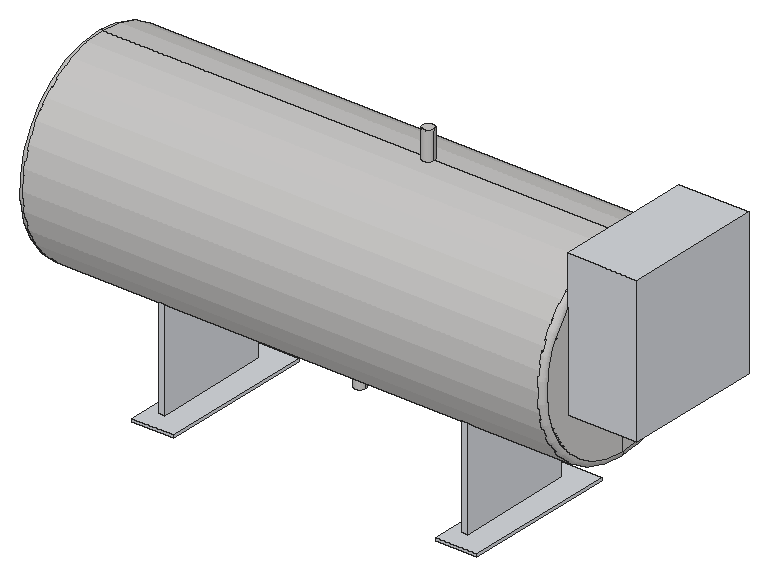
Revit family
Parameters (values of type "KS 100")
  URL = "http://www.autospec.co.za/browse.php?id=318767816"
  Radius Of Heater = Height / 2  # 360 mm
  Product Code = "KS 100"
  Outlet Pipe Radius = Outlet Pipe Diameter / 2  # 20 mm
  Outlet Pipe Diameter = 40 mm
  Inlet Pipe Diameter = 40 mm
  Operating Pressure = 600.0 kPa
  OmniClass Title = ""
  OmniClass Number = ""
  Modspec Classification = ""
  Specification = ""
  Material = Galvanised Steel
  Mass (Kg) = "125"
  Location (revit room) = ""
  Model = "Bulk Hot Water Tanks Horizontal KS-100"
  Manufacturer = "Kwikot"  # constant formula
  Length = 1890 mm
  Inlet Pipe Radius = Inlet Pipe Diameter / 2  # 20 mm
  Height = 720 mm
  Electrical Load = "6"
  Colour = none
  Capacity (liters) = 500.00 m³
  Body Finish = none
  Base Support = Radius Of Heater - 150 mm  # 210 mm
  Assembly Code = "D3040400"
Types (18, lengths in mm): name | Radius Of Heater | Product Code | Outlet Pipe Radius | Outlet Pipe Diameter | Inlet Pipe Diameter | Mass (Kg) | Model | Length | Inlet Pipe Radius | Height | Electrical Load | Capacity (liters) | Base Support
  (no name) | 360 | "KS 100" | 20 | 40 | 40 | "125" | "Bulk Hot Water Tanks Horizontal KS-100" | 1890 | 20 | 720 | "6" | 500.00 m³ | 210
  KS 100 | 360 | "KS 100" | 20 | 40 | 40 | "125" | "Bulk Hot Water Tanks Horizontal KS-100" | 1890 | 20 | 720 | "6" | 500.00 m³ | 210
  KS 125 | 450 | "KS 125" | 20 | 40 | 40 | "150" | "Bulk Hot Water Tanks Horizontal KS-125" | 1672 | 20 | 900 | "6" | 600.00 m³ | 300
  KS 150 | 450 | "KS 150" | 20 | 40 | 40 | "170" | "Bulk Hot Water Tanks Horizontal KS-150" | 1890 | 20 | 900 | "9" | 700.00 m³ | 300
  KS 200 | 582.5 | "KS 200" | 25 | 50 | 50 | "260" | "Bulk Hot Water Tanks Horizontal KS-200" | 1685 | 25 | 1165 | "12" | 1000.00 m³ | 432.5
  KS 250 | 582.5 | "KS 250" | 25 | 50 | 50 | "280" | "Bulk Hot Water Tanks Horizontal KS-250" | 2005 | 25 | 1165 | "12" | 1200.00 m³ | 432.5
  KS 300 | 582.5 | "KS 300" | 25 | 50 | 50 | "320" | "Bulk Hot Water Tanks Horizontal KS-300" | 2334 | 25 | 1165 | "18" | 1400.00 m³ | 432.5
  KS 350 | 635 | "KS 350" | 25 | 50 | 50 | "360" | "Bulk Hot Water Tanks Horizontal KS-350" | 2130 | 25 | 1270 | "18" | 1600.00 m³ | 485
  KS 400 | 635 | "KS 400" | 25 | 50 | 50 | "400" | "Bulk Hot Water Tanks Horizontal KS-400" | 2381 | 25 | 1270 | "24" | 1800.00 m³ | 485
  KS 450 | 635 | "KS 450" | 25 | 50 | 50 | "450" | "Bulk Hot Water Tanks Horizontal KS-450" | 2400 | 25 | 1270 | "24" | 2000.00 m³ | 485
  KS 500 | 710 | "KS 500" | 25 | 50 | 50 | "490" | "Bulk Hot Water Tanks Horizontal KS-500" | 2370 | 25 | 1420 | "24" | 2300.00 m³ | 560
  KS 600 | 710 | "KS 600" | 25 | 50 | 50 | "650" | "Bulk Hot Water Tanks Horizontal KS-600" | 2650 | 25 | 1420 | "27" | 2700.00 m³ | 560
  KS 700 | 800 | "KS 700" | 25 | 50 | 50 | "760" | "Bulk Hot Water Tanks Horizontal KS-700" | 2681 | 25 | 1600 | "36" | 3200.00 m³ | 650
  KS 800 | 800 | "KS 800" | 25 | 50 | 50 | "820" | "Bulk Hot Water Tanks Horizontal KS-800" | 2961 | 25 | 1600 | "48" | 3600.00 m³ | 650
  KS 900 | 840 | "KS 900" | 25 | 50 | 50 | "880" | "Bulk Hot Water Tanks Horizontal KS-900" | 2877 | 25 | 1680 | "48" | 4000.00 m³ | 690
  KS 1000 | 840 | "KS 1000" | 25 | 50 | 50 | "950" | "Bulk Hot Water Tanks Horizontal KS-1000" | 3110 | 25 | 1680 | "60" | 4600.00 m³ | 690
  KS 1500 | 978 | "KS 1500" | 25 | 50 | 50 | "1600" | "Bulk Hot Water Tanks Horizontal KS-1500" | 3592 | 25 | 1956 | "72" | 6800.00 m³ | 828
  KS 2000 | 978 | "KS 2000" | 25 | 50 | 50 | "1800" | "Bulk Hot Water Tanks Horizontal KS-2000" | 3533 | 25 | 1956 | "84" | 10000.00 m³ | 828
Reference planes
  plane 1 "Center (Front/Back)": y = 0
  plane 2: z = 0
  plane 3 "Center (Left/Right)": x = 0
  plane 4 "Top": z = 1020
  plane 5: x = 1890
  plane 6: z = 660
  plane 7: z = 300
  plane 8: x = 1490
  plane 9: x = 400
  plane 10: y = 360
Forms (mm)
  Revolve 1, solid, material "Galvanised Steel" <- "Material"
    sketch origin (0, 0, 0) x (1, 0, 0) y (0, 0, 1)
      loop
        line (0, 660) -> (0, 320)
        arc (0, 320) -> (5.858, 305.858) -> (20, 300) r 20
        line (20, 300) -> (1870, 300)
        arc (1870, 300) -> (1884.142, 305.858) -> (1890, 320) r 20
        line (1890, 320) -> (1890, 660) -> (0, 660)
      axis (0, 660) -> (1890, 660)
    angle from 0 to 360
  Extrusion 2, solid
    sketch origin (0, 0, 0) x (1, 0, 0) y (0, 1, 0)
      loop
        line (1440, 280) -> (1440, -280) -> (1590, -280) -> (1590, 280) -> (1440, 280)
      loop
        line (500, 280) -> (350, 280) -> (350, -280) -> (500, -280) -> (500, 280)
    from 0 to 10
  Extrusion 3, solid
    sketch origin (1890, -288.244, 1200) x (0, -1, 0) y (0, 0, 1)
      loop
        line (-538.244, -650.528) -> (-38.244, -650.528) -> (-38.244, -130) -> (-538.244, -130) -> (-538.244, -650.528)
    from 0 to -250
  Extrusion 4, solid, material "Galvanised Steel"
    sketch origin (-674.665, -1524, 660) x (-1, 0, 0) y (0, -1, 0)
      loop
        circle (-1864.665, -1524) r 20
    from 360 to 460
  Extrusion 5, solid, material "Galvanised Steel"
    sketch origin (-674.665, -1524, 660) x (-1, 0, 0) y (0, -1, 0)
      loop
        circle (-1619.665, -1524) r 20
    from -360 to -460
  Extrusion 6, solid
    sketch origin (1490, -1524, -304.8) x (0, 0, -1) y (0, -1, 0)
      loop
        line (-314.8, -1314) -> (-672.396, -1314)
        arc (-672.396, -1314) -> (-604.8, -1524) -> (-672.396, -1734) r 360
        line (-672.396, -1734) -> (-314.8, -1734) -> (-314.8, -1314)
    from -10 to 10
  Extrusion 7, solid
    sketch origin (400, -1524, 2213.775) x (0, 0, 1) y (0, -1, 0)
      loop
        arc (-1846.179, -1734) -> (-1913.775, -1524) -> (-1846.179, -1314) r 360
        line (-1846.179, -1314) -> (-2203.775, -1314) -> (-2203.775, -1734) -> (-1846.179, -1734)
    from -10 to 10
Lines and regions (mm)
  symbolic lines
    curve 1: line (1890, 229.735, 1020) -> (2140, 229.735, 1020)
    curve 2: line (2140, 229.735, 1020) -> (2140, -230.018, 1020)
    curve 3: line (1890, -230.018, 1020) -> (2140, -230.018, 1020)
    curve 8: line (1890, -340, 1020) -> (1890, 340, 1020)
    curve 9: line (0, 340, 1020) -> (0, -340, 1020)
    curve 10: line (20, 360, 1020) -> (1870, 360, 1020)
    curve 11: arc (1890, 340, 1020) -> (1884.142, 354.142, 1020) -> (1870, 360, 1020) r 20
    curve 12: arc (0, 340, 1020) -> (5.858, 354.142, 1020) -> (20, 360, 1020) r 20
    curve 13: line (20, -360, 1020) -> (1870, -360, 1020)
    curve 14: arc (1870, -360, 1020) -> (1884.142, -354.142, 1020) -> (1890, -340, 1020) r 20
    curve 15: arc (20, -360, 1020) -> (5.858, -354.142, 1020) -> (0, -340, 1020) r 20
  symbolic lines, detail levels fine
    curve 4: arc (1170, 0, 1020) -> (1190, -20, 1020) -> (1210, 0, 1020) r 20
    curve 5: arc (1210, 0, 1020) -> (1190, 20, 1020) -> (1170, 0, 1020) r 20
    curve 6: arc (965, 0, 1020) -> (945, 20, 1020) -> (925, 0, 1020) r 20
    curve 7: arc (925, 0, 1020) -> (945, -20, 1020) -> (965, 0, 1020) r 20
Dimensions and locks
  "Length": plane 3 "Center (Left/Right)" to plane 5
  "Height": plane 4 "Top" to plane 7
  equal spacing: plane 4 "Top", plane 6, plane 7
  plane 7 to level = 300 mm
  equal spacing: Extrusion 2 sketch curve, plane 1 "Center (Front/Back)", Extrusion 2 sketch curve
  plane 8 to plane 5 = 400 mm
  plane 9 to plane 3 "Center (Left/Right)" = 400 mm
  Extrusion 2 sketch curve to plane 9 = 50 mm
  Extrusion 2 sketch curve to plane 8 = 50 mm
  "Radius Of Heater": plane 10 to plane 1 "Center (Front/Back)"
  plane 10 to Extrusion 2 sketch curve = 80 mm
  Extrusion 3 sketch curve to plane 4 "Top" = 50 mm
  Extrusion 4 sketch curve to plane 8 = 300 mm
  locked: Extrusion 4 to plane 4 "Top" at 100
  equal spacing: plane 9, Extrusion 5 sketch curve, plane 8
  locked: plane 7 to Extrusion 5 at 100
  "Radius Of Heater": plane 1 "Center (Front/Back)" to curve 10
  equal spacing: curve 13, plane 1 "Center (Front/Back)", curve 10
  plane 1 "Center (Front/Back)" to Extrusion 3 sketch curve = 250 mm
  equal spacing: Extrusion 3 sketch curve, plane 1 "Center (Front/Back)", Extrusion 3 sketch curve
  "Base Support": plane 1 "Center (Front/Back)" to Extrusion 6 sketch curve
  equal spacing: Extrusion 6 sketch curve, plane 1 "Center (Front/Back)", Extrusion 6 sketch curve
  radius of Revolve 1 sketch curve = 20 mm  (x2)
  "Outlet Pipe Radius": radius of Extrusion 4 sketch curve
  "Inlet Pipe Radius": radius of Extrusion 5 sketch curve
  "Radius Of Heater": radius of Extrusion 6 sketch curve
  aligned and locked: level to plane 2
  aligned and locked: Revolve 1 sketch curve to plane 6  (x2)
  aligned and locked: plane 3 "Center (Left/Right)" to Revolve 1 sketch curve
  aligned and locked: plane 5 to Revolve 1 sketch curve
  aligned and locked: plane 7 to Revolve 1 sketch curve
  aligned and locked: Extrusion 2 sketch curve to Extrusion 2 sketch curve  (x2)
  aligned and locked: plane 1 "Center (Front/Back)" to Extrusion 4 sketch curve
  aligned: Extrusion 4 to plane 4 "Top"
  aligned and locked: Extrusion 4 to plane 4 "Top"
  aligned and locked: plane 1 "Center (Front/Back)" to Extrusion 5 sketch curve
  aligned and locked: plane 7 to Extrusion 5
  aligned: curve 1 to Extrusion 3
  aligned: curve 2 to Extrusion 3
  aligned: curve 3 to Extrusion 3
  aligned and locked: curve 4 to Extrusion 4
  aligned and locked: curve 5 to Extrusion 4
  aligned and locked: curve 6 to Extrusion 5
  aligned and locked: curve 7 to Extrusion 5
  aligned and locked: curve 8 to plane 5
  aligned and locked: curve 9 to plane 3 "Center (Left/Right)"
  aligned and locked: Extrusion 2 to Extrusion 6 sketch curve
  aligned and locked: plane 6 to Extrusion 6 sketch curve
  aligned and locked: Extrusion 7 sketch curve to Extrusion 6  (x4)
Automatic sketch dimensions
  Revolve 1 sketch curve to plane 3 "Center (Left/Right)" = 180 mm
  Revolve 1 sketch curve to plane 5 = 270 mm
  Extrusion 2 sketch curve to Extrusion 2 sketch curve = 150 mm
  plane 9 to Extrusion 2 sketch curve = 100 mm
  Extrusion 3 sketch curve to plane 6 = 110.528 mm
  curve 3 to curve 3 = 250 mm
  plane 5 to curve 14 = 20 mm
  plane 5 to curve 11 = 20 mm
  plane 3 "Center (Left/Right)" to curve 12 = 20 mm
  plane 3 "Center (Left/Right)" to curve 13 = 20 mm
  curve 1 to plane 1 "Center (Front/Back)" = 229.735 mm
  curve 3 to curve 8 = 109.982 mm
  Extrusion 6 sketch curve to plane 1 "Center (Front/Back)" = 0 mm
Connectors
  piping at (1190, 0, 1120), driven by "Outlet Pipe Radius"
    settings: on Extrusion 4, index 2, connector radius 20 mm, flow factor 0, pipe flow 0.0 L/s, pressure drop 0.0 kPa, fitting loss kfactor 0, connector angle 0.00°, fixture units 0, flow configuration 2, flow direction 2, fitting loss method 4, system type 19, connector reference index -1, connector utility 0, adjustable connector no, is connector primary yes, fitting loss table "", connector description "Outlet connection"
  piping at (945, 0, 200), driven by "Inlet Pipe Radius"
    settings: on Extrusion 5, index 3, connector radius 20 mm, flow factor 0, pipe flow 0.0 L/s, pressure drop 0.0 kPa, fitting loss kfactor 0, connector angle 0.00°, fixture units 0, flow configuration 2, flow direction 1, fitting loss method 4, system type 20, connector reference index -1, connector utility 0, adjustable connector no, is connector primary no, fitting loss table "", connector description "Inlet Connection"
  electrical at (2140, 0, 809.736)
    settings: on Extrusion 3, index 4, voltage 0 V, apparent load 0 VA, apparent load phase1 0 VA, apparent load phase2 0 VA, apparent load phase3 0 VA, power factor 1, load classification "Other", number of poles 1, system type 30, power factor state 1, is connector primary yes, connector utility no, sub classification motor no, connector description "Electrical Connection"
